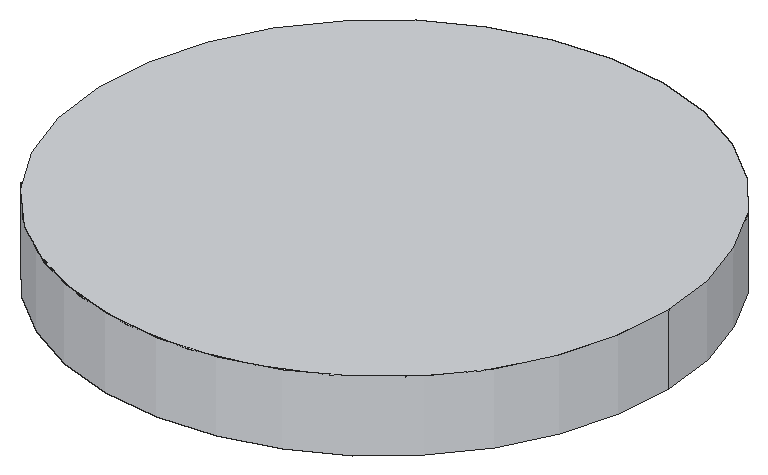
Revit family "沉降测点", category 常规模型, Revit 2016
Family settings
  零件类型 = 标准
  可将钢筋附着到主体 = 否
  圆形连接件大小 = 使用直径
  基于工作平面 = 否
  总是垂直 = 是
  加载时剪切的空心 = 否
  共享 = 否
  房间计算点 = 否
Parameters
  高度 = 100 mm
  直径 = 800 mm
  监测数据 [instance] = ""
Reference planes
  plane 1 "中心(前/后)": y = 0
  plane 2: z = 0
  plane 3 "中心(左/右)": x = 0
Forms (mm)
  Extrusion 1, solid
    sketch origin (0, 0, 0) x (1, 0, 0) y (0, 1, 0)
      loop
        circle (0, 0) r 400
    from 0 to 100
Dimensions and locks
  "高度": Extrusion 1 to Extrusion 1
  "直径": diameter of Extrusion 1 sketch curve
  aligned and locked: level to plane 2
  aligned and locked: Extrusion 1 to level
Automatic sketch dimensions
  plane 1 "中心(前/后)" to Extrusion 1 sketch curve = 0 mm
  Extrusion 1 sketch curve to plane 3 "中心(左/右)" = 0 mm
